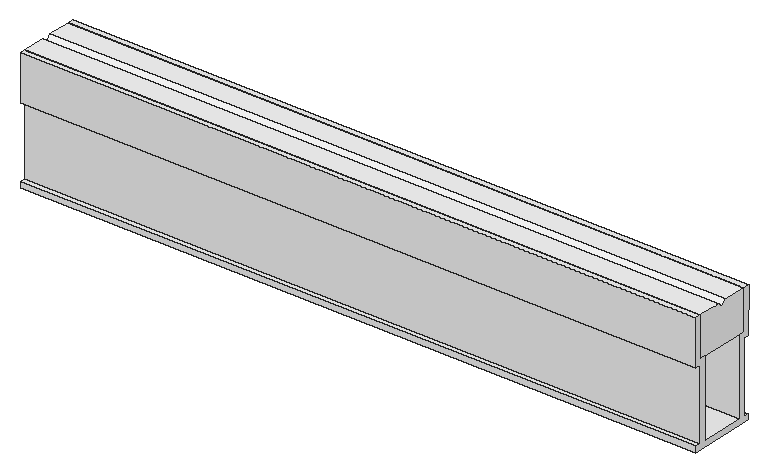
Revit family "4070743+4070745 Feilo Sylvania Lighting Fixture CURSUS 306MM 183LM WIDE LED 3K with FRAMED ROUGH IN HOUSING", category Lighting Fixtures, host Face, Revit 2017
Family settings
  Host = Face
  Round Connector Dimension = Use Diameter
  Part Type = Normal
  OmniClass Number = 23.80.70.14
  OmniClass Title = Luminaries for External Lighting
  Cut with Voids When Loaded = Yes
  Light Source = Yes
  Shared = No
  Room Calculation Point = No
Parameters (values of type "4070743 CURSUS 306MM 183LM WIDE LED 3K")
  Width = 30 mm
  Weight = "0.6 kg"
  Wattage Comments = "n/a"
  Wattage = 4.5 W
  WarrantyStartDate [instance] = "n/a"
  WarrantyGuarantorParts = "n/a"
  WarrantyDurationUnit = "n/a"
  WarrantyDurationParts = "n/a"
  WarrantyDescription = "n/a"
  built-in parameter 1150110 = 1 (stored number, unit not read)
  Voltage = 24 V
  URL = "http://www.sylvania-lighting.com"
  TypeName = "CURSUS 306MM 183LM WIDE LED 3K"
  Type Image = <None>
  Type Comments = "n/a"
  built-in parameter 1114217 = 1 (stored number, unit not read)
  Tilt Angle = -90.00°
  built-in parameter 1150109 = 1 (stored number, unit not read)
  built-in parameter 1150134 = (empty or 0)
  built-in parameter 1150113 = 1 (stored number, unit not read)
  SerialNumber [instance] = "n/a"
  Material_3_FEILO = none
  PowerFactor = 0
  PowerConsumption = "4.5 W"
  Photometric Web File = "4070743.ies"
  NominalLength = 306 mm
  NominalHeight = 50 mm
  NominalDepth = Width  # 30 mm
  Name = "CURSUS 306MM 183LM WIDE LED 3K"
  ModelReference = Name  # "CURSUS 306MM 183LM WIDE LED 3K"
  ModelNumber = "4070743"
  Model = Name  # "CURSUS 306MM 183LM WIDE LED 3K"
  Material = "natural anodised extruded aluminium structure housing"
  ManufacturerName = "Feilo Sylvania"
  Manufacturer = "Feilo Sylvania"
  LuminousEfficacy = "40.66 lm/W"
  built-in parameter 1150105 = 101.01 (stored number, unit not read)
  Lumens = 183 lm
  LuminaireType = ""
  built-in parameter 1150115 = 1 (stored number, unit not read)
  LightOutputRatio = "100"
  built-in parameter 1150137 = (empty or 0)
  built-in parameter 1150139 = (empty or 0)
  LengthVoidExtrusionRight [instance] = if(EndCapRight, Length / 2, Length / 2 - 2.5 mm)  # 153.5 mm
  LengthVoidExtrusionLeft [instance] = if(EndCapLeft, Length / 2, Length / 2 - 2.5 mm)  # 153.5 mm
  Length = 312 mm
  LampsType = Lamp  # "LED"
  LampNominalLuminous = "183 lm"
  LampMacAdamStep = "n/a"
  LampColourTemperature = "3000 K"
  LampColourRenderingIndex = "80"
  built-in parameter 1150112 = 1 (stored number, unit not read)
  built-in parameter 1150114 = 1 (stored number, unit not read)
  Lamp = "LED"
  Keynote = "16500"
  InstallationDate [instance] = "n/a"
  InputVoltage = "24V DC"
  InputNominalFrequency = "n/a"
  built-in parameter 1150132 = (empty or 0)
  built-in parameter 1150102 = (empty or 0)
  built-in parameter 1150107 = 3000 (stored number, unit not read)
  built-in parameter 1150138 = (empty or 0)
  IngressProtection = "IP67"
  ImpactProtectionIndex = "IK07"
  built-in parameter 1150106 = 1.0101 (stored number, unit not read)
  IfcExportType = "IfcLightFixtureType"
  IfcExportAs = "IfcLightFixtureType"
  ExpectedLife = 50000
  EndCapRight [instance] = no
  EndCapLeft [instance] = no
  Emit from Rectangle Width = Width - 6 mm  # 24 mm
  Emit from Rectangle Length = Length - 6 mm  # 306 mm
  Emit Shape Visible in Rendering = no
  ElectricShockClassification = "Class III"
  built-in parameter 1150104 = 3.7781 (stored number, unit not read)
  DurationUnit = "hours"
  DocumentationLiterature = "http://www.sylvania-lighting.com/product/en-int/products/4070743"
  DimmingControlOptions = "n/a"
  Dimming Lamp Color Temperature Shift = <None>
  Material_2_FEILO = Diffuser-Sylvania-Glow
  Description = "LED Exterior Lighting Recessed Surface Mounted Linear Fixture, Natural anodised extruded aluminium structure. Die-cast aluminium end caps. Installation kit with harmonic steel springs., 183 lm, 4,5W, 40lm/W, 3000K, CRI80+,non dimmable,IP67, IK07, (HxWxD) 306x50x30mm, 3 step Mac Adam Ellipse, 0.6kg,, Classe III, 21-25V-DC, energy class : A++, A+, A"
  Default Elevation = 1219.2 mm
  CreatedOn = "1/8/2018"
  CreatedBy = ""
  Cost = 0
  Color Filter = 16777215
  built-in parameter 1114216 [instance] = (empty or 0)
  ClassificationValue = "EF_70_80"
  ClassificationName = "Uniclass2015"
  Material_1_FEILO = Body-Sylvania-Gray
  BarCode [instance] = "n/a"
  built-in parameter 1114218 = 1 (stored number, unit not read)
  built-in parameter 1150133 = 10 (stored number, unit not read)
  AssetType = "Fixed"
  AssetIdentifier [instance] = "n/a"
  Assembly Code = "D5020200"
  Apparent Load = 4.5 VA
  Material_4_FEILO = Diffuser-Sylvania-Glow
Reference planes
  plane 1 "Center (Front/Back)": y = 0
  plane 2: z = 0
  plane 3 "Center (Left/Right)": x = 0
  plane 4: y = 15
  plane 5: y = -15
  plane 6: x = 156
  plane 7: x = -156
  plane 8: x = -153.5
  plane 9: y = 12.5
  plane 10: y = -12.5
  plane 11: x = 153.5
  plane 12: z = -55
  plane 13: z = -52.5
  plane 14: z = -2
  plane 15: y = -10
  plane 16: z = -18
  plane 17: z = -20.5
  plane 18: y = 10
Forms (mm)
  Extrusion 1, solid, material "Body-Sylvania-Gray" <- "Material_1_FEILO"
    sketch origin (0, 0, -32.5) x (0, 1, 0) y (0, 0, 1)
      loop
        line (15, -22.5) -> (15, -20) -> (12.5, -20) -> (12.5, 12) -> (15, 12) -> (15, 32.5) -> (12.5, 32.5) -> (12.5, 14.5) -> (10, 14.5) -> (10, -20) -> (-10, -20) -> (-10, 14.5) -> (-12.5, 14.5) -> (-12.5, 32.5) -> (-15, 32.5) -> (-15, 12) -> (-12.5, 12) -> (-12.5, -20) -> (-15, -20) -> (-15, -22.5) -> (15, -22.5)
    from -153.5 to 153.5
  Extrusion 2, solid, material "Body-Sylvania-Gray" <- "Material_1_FEILO", visible <- "EndCapRight"
    sketch origin (156, 1524, 1219.2) x (0, 1, 0) y (0, 0, 1)
      loop
        line (-1539, -1274.2) -> (-1509, -1274.2) -> (-1509, -1219.2) -> (-1539, -1219.2) -> (-1539, -1274.2)
    from 0 to -2.5
  Extrusion 3, solid, material "Body-Sylvania-Gray" <- "Material_1_FEILO", visible <- "EndCapLeft"
    sketch origin (-156, 1524, 1219.2) x (0, 1, 0) y (0, 0, 1)
      loop
        line (-1539, -1274.2) -> (-1509, -1274.2) -> (-1509, -1219.2) -> (-1539, -1219.2) -> (-1539, -1274.2)
    from 0 to 2.5
  Extrusion 4, solid, material "Diffuser-Sylvania-Glow" <- "Material_2_FEILO"
    sketch origin (0, 0, 0) x (0, 1, 0) y (0, 0, 1)
      loop
        line (-12.5, 0) -> (-12.5, -18) -> (12.5, -18) -> (12.5, 0) -> (2, 0) -> (0, -2) -> (-2, 0) -> (-12.5, 0)
    from -153.5 to 153.5
  Extrusion 5, void
    sketch origin (0, 0, 0) x (1, 0, 0) y (0, 1, 0)
      loop
        line (-153.5, 15) -> (-153.5, -15) -> (153.5, -15) -> (153.5, 15) -> (-153.5, 15)
    from 0 to -55
Dimensions and locks
  equal spacing: plane 5, plane 1 "Center (Front/Back)", plane 4
  equal spacing: plane 7, plane 3 "Center (Left/Right)", plane 6
  "Length": plane 7 to plane 6
  equal spacing: plane 8, plane 3 "Center (Left/Right)", plane 11
  equal spacing: plane 10, plane 1 "Center (Front/Back)", plane 9
  locked: plane 5 to plane 10 at 2.5
  "Width": plane 5 to plane 4
  locked: plane 2 to plane 12 at 55
  locked: plane 12 to plane 13 at 2.5
  "LengthVoidExtrusionLeft": Extrusion 5 sketch curve to plane 3 "Center (Left/Right)"
  "LengthVoidExtrusionRight": plane 3 "Center (Left/Right)" to Extrusion 5 sketch curve
  plane 2 to plane 14 = 2 mm
  locked: plane 7 to plane 8 at 2.5
  locked: plane 2 to plane 16 at 18
  locked: plane 17 to plane 16 at 2.5
  equal spacing: plane 15, plane 1 "Center (Front/Back)", plane 18
  locked: plane 10 to plane 15 at 2.5
  locked: plane 14 to Extrusion 4 sketch curve (angle 45.00°)
  locked: Extrusion 4 sketch curve to plane 14 (angle 45.00°)
  aligned and locked: plane 2 to host face
  aligned and locked: level to host face
  aligned and locked: plane 4 to Extrusion 1 sketch curve
  aligned and locked: Extrusion 1 sketch curve to plane 5
  aligned and locked: plane 10 to Extrusion 1 sketch curve  (x2)
  aligned and locked: Extrusion 1 sketch curve to plane 9  (x2)
  aligned and locked: plane 8 to Extrusion 3
  aligned and locked: Extrusion 3 to plane 7
  aligned and locked: Extrusion 4 to plane 8
  aligned and locked: plane 11 to Extrusion 4
  aligned and locked: imposter light to plane 1 "Center (Front/Back)"
  aligned and locked: plane 3 "Center (Left/Right)" to imposter light
  aligned and locked: plane 12 to Extrusion 1
  aligned and locked: Extrusion 1 to plane 13
  aligned and locked: level to Extrusion 1  (x2)
  aligned and locked: plane 2 to imposter light
  aligned and locked: plane 11 to Extrusion 1
  aligned and locked: Extrusion 1 to plane 8
  aligned and locked: plane 12 to Extrusion 3 sketch curve
  aligned and locked: plane 5 to Extrusion 3 sketch curve
  aligned and locked: Extrusion 3 sketch curve to plane 4
  aligned and locked: Extrusion 2 sketch curve to plane 4
  aligned and locked: plane 5 to Extrusion 2 sketch curve
  aligned and locked: plane 12 to Extrusion 2 sketch curve
  aligned and locked: plane 9 to Extrusion 4 sketch curve
  aligned and locked: Extrusion 4 sketch curve to plane 10
  aligned and locked: Extrusion 5 sketch curve to plane 4
  aligned and locked: plane 5 to Extrusion 5 sketch curve
  aligned and locked: Extrusion 5 to Extrusion 1
  aligned and locked: level to Extrusion 5
  aligned and locked: plane 14 to Extrusion 4 sketch curve
  aligned and locked: Extrusion 4 sketch curve to plane 16
  aligned and locked: Extrusion 1 sketch curve to Extrusion 1 sketch curve  (x3)
  aligned and locked: Extrusion 1 sketch curve to Extrusion 4
  aligned and locked: plane 15 to Extrusion 1 sketch curve
  aligned and locked: plane 17 to Extrusion 1 sketch curve
  aligned and locked: plane 5 to Extrusion 1 sketch curve
  aligned and locked: Extrusion 1 sketch curve to plane 16
  aligned and locked: plane 18 to Extrusion 1 sketch curve
  aligned and locked: Extrusion 1 sketch curve to plane 17
  aligned and locked: Extrusion 1 sketch curve to Extrusion 2
Automatic sketch dimensions
  host sketch curve to host sketch curve = 2438.4 mm  (x2)
  Extrusion 3 sketch curve to level = 0 mm
  Extrusion 2 sketch curve to level = 0 mm
  Extrusion 4 sketch curve to level = 0 mm  (x2)
  Extrusion 4 sketch curve to plane 1 "Center (Front/Back)" = 0 mm
  plane 12 to Extrusion 1 sketch curve = 0 mm
  plane 13 to Extrusion 1 sketch curve = 0 mm
  Extrusion 1 sketch curve to level = 0 mm  (x2)
Connectors
  electrical at (0, 0, 0), driven by "Apparent Load", driven by "PowerFactor", driven by "Voltage"
    settings: index 1, voltage 24 V, apparent load 4.5 VA, apparent load phase1 0 VA, apparent load phase2 0 VA, apparent load phase3 0 VA, power factor 0, load classification "Lighting", number of poles 1, system type 30, power factor state 1, is connector primary yes, connector utility no, sub classification motor no, connector description ""
